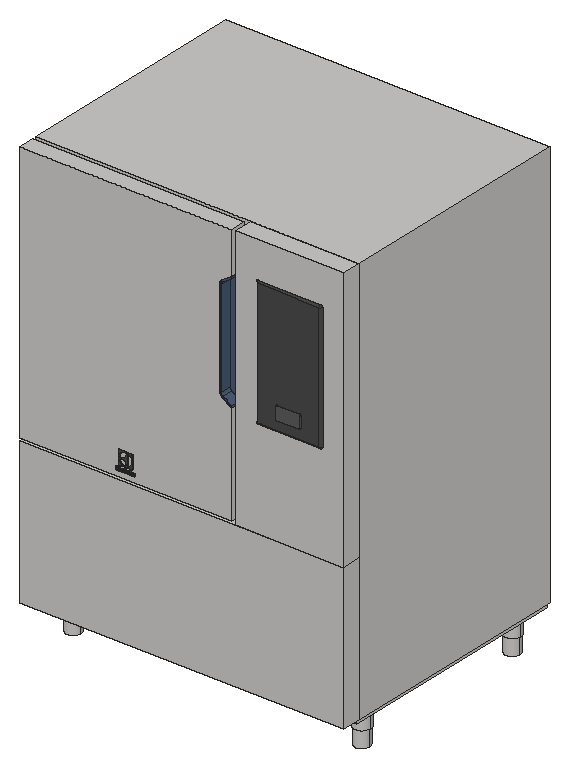
Revit family "QF_ELECTROLUXPROFESSIONAL_727740_EBFA12E", category Specialty Equipment, Revit 2018
Family settings
  Round Connector Dimension = Use Diameter
  Part Type = Normal
  Work Plane-Based = No
  Always vertical = Yes
  Cut with Voids When Loaded = No
  Shared = No
  Room Calculation Point = No
Parameters
  Weight = 0.00 kg
  Watts = 0 W
  Volts = 380 V
  URL Manufacturer = "http://professional.electrolux.com"
  URL = "http://professional.electrolux.com"
  Steam Supply Size = 0 mm
  Steam Supply Minimum Pressure = 0.0 Pa
  Steam Supply Maximum Pressure = 0.0 Pa
  Steam Pounds per Hour = 0
  Show Logo [instance] = yes
  Show Clearance [instance] = yes
  Refrigeration Suction Line Size = 0 mm
  Refrigeration Liquid Line Size = 0 mm
  Refrigerant Compressor Remote = yes
  Manufacturer = "Electrolux"
  Phase = 3
  Model = "EBFA12E"
  Length Actual = 1250 mm  # constant formula
  Item Number = "727740"
  Hot Water Size = 0 mm
  Height Actual = 1730 mm  # constant formula
  HP = "7.4 HP"
  Gas Size = 0 mm
  Gas KW = 0
  Gas Input Pressure = 0 W
  Direct Waste Size = 139.7 mm
  Description = "SKYLINE CHILLS BLAST CHILLER FREEZER 100/70KG 10 GN 2/1"
  Depth Actual = 1092 mm  # constant formula
  Cycle = 50 Hz
  Condensate Return Size = 0 mm
  Compressed Air Volume = 0.0 L/s
  Compressed Air Size = 0 mm
  Compressed Air Pressure = 0.0 Pa
  Cold Water Size = 0 mm
  Accessory = yes
Reference planes
  plane 1 "Center X": y = 205.851
  plane 2: z = 0
  plane 3 "Center Y": x = -311.5
  plane 4 "BACK": y = 703.851
  plane 5 "FRONT": y = -292.149
  plane 6: z = 130
  plane 7 "TOP": z = 1730
  plane 8: y = 608.851
  plane 9: y = 795.851
  plane 10: y = -1071.149
  plane 11 "RIGHT": x = 313.5
  plane 12 "LEFT": x = -936.5
  plane 13: x = -869.5
  plane 14: x = 246.5
  plane 15: y = -118.149
Forms (mm)
  Extrusion 1, solid, material "QF_Finishes_Stainless Steel"
    sketch origin (0, 0, 1730) x (-1, 0, 0) y (0, -1, 0)
      loop
        line (936.5, -703.851) -> (936.5, 216.149) -> (-313.5, 216.149) -> (-313.5, -703.851) -> (936.5, -703.851)
    from 0 to -1580
  Extrusion 2, solid, material "QF_Finishes_Stainless Steel"
    sketch origin (-645.92, -0.954, 258.709) x (0, 1, 0) y (0, 0, 1)
      loop
        line (704.805, 694.306) -> (704.805, 392.314) -> (789.5, 399.789)
        arc (789.5, 399.789) -> (794.702, 402.354) -> (796.805, 407.759) r 8
        line (796.805, 407.759) -> (796.805, 433.233)
        arc (796.805, 433.233) -> (792.783, 442.547) -> (796.805, 451.86) r 12.795
        line (796.805, 451.86) -> (796.805, 483.24)
        arc (796.805, 483.24) -> (792.783, 492.554) -> (796.805, 501.867) r 12.795
        line (796.805, 501.867) -> (796.805, 533.247)
        arc (796.805, 533.247) -> (792.783, 542.56) -> (796.805, 551.874) r 12.795
        line (796.805, 551.874) -> (796.805, 583.254)
        arc (796.805, 583.254) -> (792.783, 592.567) -> (796.805, 601.881) r 12.795
        line (796.805, 601.881) -> (796.805, 634.796)
        arc (796.805, 634.796) -> (795.466, 639.795) -> (791.808, 643.455) r 10
        line (791.808, 643.455) -> (704.805, 694.306)
    from 618.187 to 801.865
  Extrusion 3, solid, material "QF_Finishes_Stainless Steel"
    sketch origin (-261.647, 703.851, 2065) x (1, 0, 0) y (0, 0, -1)
      loop
        circle (482.147, 1472) r 10.5
    from 0 to 29
  Extrusion 4, solid, material "QF_Finishes_Stainless Steel"
    sketch origin (-1206.916, -1524, 130) x (-1, 0, 0) y (0, -1, 0)
      loop
        line (-270.416, -1231.851) -> (-1520.416, -1231.851) -> (-1520.416, -1306.851) -> (-270.416, -1306.851) -> (-270.416, -1231.851)
    from 580 to 20.02
  Extrusion 5, solid, material "QF_Finishes_Stainless Steel"
    sketch origin (-1206.916, -1524, 130) x (-1, 0, 0) y (0, -1, 0)
      loop
        line (-279.416, -2227.851) -> (-279.416, -1309.851) -> (-1511.416, -1309.851) -> (-1511.416, -2227.851) -> (-279.416, -2227.851)
    from 20 to 0
  Extrusion 6, solid, material "QF_Finishes_Stainless Steel"
    sketch origin (-1206.916, -1524, 130) x (0, -1, 0) y (-1, 0, 0)
      loop
        circle (-1739.851, -840.416) r 9.5
    from 0 to 31.68
  Extrusion 7, void
    sketch origin (114.08, 0, 1730) x (-1, 0, 0) y (0, -1, 0)
      loop
        line (132.09, -795.851) -> (141.813, -795.851) -> (141.813, -703.851) -> (140.183, -703.851) -> (132.09, -795.851)
      loop
        line (-40.234, -703.851) -> (-41.865, -703.851) -> (-41.865, -795.851) -> (-32.141, -795.851) -> (-40.234, -703.851)
    from -1080 to -770
  Extrusion 8, solid, material "QF_Finishes_Stainless Steel"
    sketch origin (-623, -292.149, 0) x (1, 0, 0) y (0, 0, -1)
      loop
        line (504.7, -1730) -> (504.7, -1567.97) -> (468.447, -1543.888)
        arc (468.447, -1543.888) -> (462.216, -1537.041) -> (459.96, -1528.062) r 19
        line (459.96, -1528.062) -> (459.96, -1153.149)
        arc (459.96, -1153.149) -> (462.339, -1143.688) -> (468.91, -1136.479) r 20
        line (468.91, -1136.479) -> (504.7, -1112.756) -> (504.7, -719.524) -> (-313.5, -719.524) -> (-313.5, -1730) -> (504.7, -1730)
    from 0 to 60
  Extrusion 9, solid, material "QF_Finishes_Stainless Steel"
    sketch origin (-445.5, 0, 1060.038) x (1, 0, 0) y (0, 1, 0)
      loop
        line (759, -292.149) -> (759, -217.149) -> (342, -217.149) -> (342, -292.149) -> (759, -292.149)
    from 669.962 to -349
  Extrusion 10, solid, material "QF_Door-Drawer Clearances", visible <- "Show Clearance", detail levels coarse
    sketch origin (-623, 0, 1060.038) x (1, 0, 0) y (0, 1, 0)
      loop
        line (-260.5, -292.149) -> (-260.5, -1068.649)
        arc (-260.5, -1068.649) -> (276.158, -832.215) -> (504.7, -292.149) r 795
        line (504.7, -292.149) -> (-260.5, -292.149)
    from -340.514 to 669.962
  Extrusion 11, solid, material "QF_Finishes_Stainless Steel"
    sketch origin (-569.5, -232.149, 600.072) x (1, 0, 0) y (0, 0, -1)
      loop
        line (406.46, -553.076) -> (406.46, -927.989)
        arc (406.46, -927.989) -> (408.716, -936.969) -> (414.947, -943.816) r 19
        line (414.947, -943.816) -> (451.2, -967.898) -> (451.2, -512.683) -> (415.41, -536.406)
        arc (415.41, -536.406) -> (408.839, -543.616) -> (406.46, -553.076) r 20
    from -21 to 0
  Extrusion 12, solid, material "QF_Finishes_Electrolux_Blue"
    sketch origin (-569.5, -292.149, 600.072) x (-1, 0, 0) y (0, 0, -1)
      loop
        line (-451.2, -967.898) -> (-414.947, -943.816)
        arc (-414.947, -943.816) -> (-408.716, -936.969) -> (-406.46, -927.989) r 19
        line (-406.46, -927.989) -> (-406.46, -553.076)
        arc (-406.46, -553.076) -> (-408.839, -543.616) -> (-415.41, -536.406) r 20
        line (-415.41, -536.406) -> (-451.2, -512.683) -> (-453.7, -512.683) -> (-453.7, -518.824) -> (-419.001, -541.824)
        arc (-419.001, -541.824) -> (-414.566, -546.691) -> (-412.96, -553.076) r 13.5
        line (-412.96, -553.076) -> (-412.96, -927.989)
        arc (-412.96, -927.989) -> (-414.444, -933.897) -> (-418.543, -938.401) r 12.5
        line (-418.543, -938.401) -> (-453.7, -961.755) -> (-453.7, -967.898) -> (-451.2, -967.898)
    from -39 to 1
  Extrusion 13, void
    sketch origin (136, -219.149, 1731) x (1, 0, 0) y (0, 0, -1)
      loop
        line (-387.5, 75) -> (-387.5, 977) -> (-998.5, 977) -> (-998.5, 75) -> (-387.5, 75)
    from 0 to 705
  Extrusion 14, solid, material "QF_Door-Drawer Clearances", visible <- "Show Clearance", detail levels coarse
    sketch origin (-943.5, -326.949, 0) x (0, -1, 0) y (0, 0, -1)
      loop
        line (741.7, -1730) -> (741.7, -1567.97) -> (705.447, -1543.888)
        arc (705.447, -1543.888) -> (699.216, -1537.041) -> (696.96, -1528.062) r 19
        line (696.96, -1528.062) -> (696.96, -1153.149)
        arc (696.96, -1153.149) -> (699.339, -1143.688) -> (705.91, -1136.479) r 20
        line (705.91, -1136.479) -> (741.7, -1112.756) -> (741.7, -719.524) -> (-34.8, -719.524) -> (-34.8, -1730) -> (741.7, -1730)
    from 0 to 60
  Extrusion 15, solid, material "QF_Door-Drawer Clearances", visible <- "Show Clearance", detail levels coarse
    sketch origin (-883.5, -380.449, 600.072) x (0, -1, 0) y (0, 0, -1)
      loop
        line (643.46, -553.076) -> (643.46, -927.989)
        arc (643.46, -927.989) -> (645.716, -936.969) -> (651.947, -943.816) r 19
        line (651.947, -943.816) -> (688.2, -967.898) -> (688.2, -512.683) -> (652.41, -536.406)
        arc (652.41, -536.406) -> (645.839, -543.616) -> (643.46, -553.076) r 20
    from -21 to 0
  Extrusion 16, solid, material "QF_Door-Drawer Clearances", visible <- "Show Clearance", detail levels coarse
    sketch origin (-943.5, -380.449, 600.072) x (0, 1, 0) y (0, 0, -1)
      loop
        line (-688.2, -967.898) -> (-651.947, -943.816)
        arc (-651.947, -943.816) -> (-645.716, -936.969) -> (-643.46, -927.989) r 19
        line (-643.46, -927.989) -> (-643.46, -553.076)
        arc (-643.46, -553.076) -> (-645.839, -543.616) -> (-652.41, -536.406) r 20
        line (-652.41, -536.406) -> (-688.2, -512.683) -> (-690.7, -512.683) -> (-690.7, -518.824) -> (-656.001, -541.824)
        arc (-656.001, -541.824) -> (-651.566, -546.691) -> (-649.96, -553.076) r 13.5
        line (-649.96, -553.076) -> (-649.96, -927.989)
        arc (-649.96, -927.989) -> (-651.444, -933.897) -> (-655.543, -938.401) r 12.5
        line (-655.543, -938.401) -> (-690.7, -961.755) -> (-690.7, -967.898) -> (-688.2, -967.898)
    from -39 to 1
Cuts and joins
  Extrusion 13 cuts Extrusion 1
  Extrusion 7, Extrusion 13 cuts Extrusion 2
  Extrusion 13 cuts Extrusion 3
  Extrusion 13 cuts Extrusion 5
  Extrusion 13 cuts Extrusion 6
  joined: Extrusion 1, Extrusion 2, Extrusion 3, Extrusion 5, Extrusion 6
  joined: Extrusion 10, Extrusion 14, Extrusion 15, Extrusion 16
Lines and regions (mm)
  Split face 1
    outline origin (775.107, -292.149, -365.12) x (-1, 0, 0) y (0, 0, -1)
      loop
        line (491.638, -548.639) -> (601.654, -548.639) -> (601.654, -543.665) -> (491.638, -543.665) -> (491.638, -548.639)
  Split face 2
    outline origin (775.107, -292.149, -355.62) x (-1, 0, 0) y (0, 0, -1)
      loop
        line (491.638, -548.639) -> (601.654, -548.639) -> (601.654, -543.665) -> (491.638, -543.665) -> (491.638, -548.639)
  Split face 3
    outline origin (775.107, -292.149, -346.12) x (-1, 0, 0) y (0, 0, -1)
      loop
        line (491.638, -548.639) -> (601.654, -548.639) -> (601.654, -543.665) -> (491.638, -543.665) -> (491.638, -548.639)
  Split face 4
    outline origin (775.107, -292.149, -336.62) x (-1, 0, 0) y (0, 0, -1)
      loop
        line (491.638, -548.639) -> (601.654, -548.639) -> (601.654, -543.665) -> (491.638, -543.665) -> (491.638, -548.639)
  Split face 5
    outline origin (775.107, -292.149, -327.12) x (-1, 0, 0) y (0, 0, -1)
      loop
        line (491.638, -548.639) -> (601.654, -548.639) -> (601.654, -543.665) -> (491.638, -543.665) -> (491.638, -548.639)
  Split face 6
    outline origin (775.107, -292.149, -317.619) x (-1, 0, 0) y (0, 0, -1)
      loop
        line (491.638, -548.639) -> (601.654, -548.639) -> (601.654, -543.665) -> (491.638, -543.665) -> (491.638, -548.639)
  Split face 7
    outline origin (775.107, -292.149, -308.119) x (-1, 0, 0) y (0, 0, -1)
      loop
        line (491.638, -548.639) -> (601.654, -548.639) -> (601.654, -543.665) -> (491.638, -543.665) -> (491.638, -548.639)
  Split face 8
    outline origin (775.107, -292.149, -298.619) x (-1, 0, 0) y (0, 0, -1)
      loop
        line (491.638, -548.639) -> (601.654, -548.639) -> (601.654, -543.665) -> (491.638, -543.665) -> (491.638, -548.639)
  Split face 9
    outline origin (775.107, -292.149, -289.119) x (-1, 0, 0) y (0, 0, -1)
      loop
        line (491.638, -548.639) -> (601.654, -548.639) -> (601.654, -543.665) -> (491.638, -543.665) -> (491.638, -548.639)
  Split face 10
    outline origin (775.107, -292.149, -279.619) x (-1, 0, 0) y (0, 0, -1)
      loop
        line (491.638, -548.639) -> (601.654, -548.639) -> (601.654, -543.665) -> (491.638, -543.665) -> (491.638, -548.639)
  Split face 11
    outline origin (775.107, -292.149, -270.119) x (-1, 0, 0) y (0, 0, -1)
      loop
        line (491.638, -548.639) -> (601.654, -548.639) -> (601.654, -543.665) -> (491.638, -543.665) -> (491.638, -548.639)
  Split face 12
    outline origin (775.107, -292.149, -260.619) x (-1, 0, 0) y (0, 0, -1)
      loop
        line (491.638, -548.639) -> (601.654, -548.639) -> (601.654, -543.665) -> (491.638, -543.665) -> (491.638, -548.639)
  Split face 13
    outline origin (775.107, -292.149, -251.119) x (-1, 0, 0) y (0, 0, -1)
      loop
        line (491.638, -548.639) -> (601.654, -548.639) -> (601.654, -543.665) -> (491.638, -543.665) -> (491.638, -548.639)
  Split face 14
    outline origin (775.107, -292.149, -241.619) x (-1, 0, 0) y (0, 0, -1)
      loop
        line (491.638, -548.639) -> (601.654, -548.639) -> (601.654, -543.665) -> (491.638, -543.665) -> (491.638, -548.639)
  Split face 15
    outline origin (775.107, -292.149, -232.119) x (-1, 0, 0) y (0, 0, -1)
      loop
        line (491.638, -548.639) -> (601.654, -548.639) -> (601.654, -543.665) -> (491.638, -543.665) -> (491.638, -548.639)
  Split face 16
    outline origin (775.107, -292.149, -222.619) x (-1, 0, 0) y (0, 0, -1)
      loop
        line (491.638, -548.639) -> (601.654, -548.639) -> (601.654, -543.665) -> (491.638, -543.665) -> (491.638, -548.639)
  Split face 17
    outline origin (775.107, -292.149, -213.119) x (-1, 0, 0) y (0, 0, -1)
      loop
        line (491.638, -548.639) -> (601.654, -548.639) -> (601.654, -543.665) -> (491.638, -543.665) -> (491.638, -548.639)
  Split face 18
    outline origin (775.107, -292.149, -203.619) x (-1, 0, 0) y (0, 0, -1)
      loop
        line (491.638, -548.639) -> (601.654, -548.639) -> (601.654, -543.665) -> (491.638, -543.665) -> (491.638, -548.639)
  Split face 19
    outline origin (775.107, -292.149, -194.118) x (-1, 0, 0) y (0, 0, -1)
      loop
        line (491.638, -548.639) -> (601.654, -548.639) -> (601.654, -543.665) -> (491.638, -543.665) -> (491.638, -548.639)
  Split face 20
    outline origin (775.107, -292.149, -184.618) x (-1, 0, 0) y (0, 0, -1)
      loop
        line (491.638, -548.639) -> (601.654, -548.639) -> (601.654, -543.665) -> (491.638, -543.665) -> (491.638, -548.639)
  Split face 21
    outline origin (775.107, -292.149, -175.118) x (-1, 0, 0) y (0, 0, -1)
      loop
        line (491.638, -548.639) -> (601.654, -548.639) -> (601.654, -543.665) -> (491.638, -543.665) -> (491.638, -548.639)
  Split face 22
    outline origin (775.107, -292.149, -165.618) x (-1, 0, 0) y (0, 0, -1)
      loop
        line (491.638, -548.639) -> (601.654, -548.639) -> (601.654, -543.665) -> (491.638, -543.665) -> (491.638, -548.639)
  Split face 23
    outline origin (775.107, -292.149, -156.118) x (-1, 0, 0) y (0, 0, -1)
      loop
        line (491.638, -548.639) -> (601.654, -548.639) -> (601.654, -543.665) -> (491.638, -543.665) -> (491.638, -548.639)
  Split face 24
    outline origin (775.107, -292.149, -146.618) x (-1, 0, 0) y (0, 0, -1)
      loop
        line (491.638, -548.639) -> (601.654, -548.639) -> (601.654, -543.665) -> (491.638, -543.665) -> (491.638, -548.639)
  Split face 25
    outline origin (775.107, -292.149, -137.118) x (-1, 0, 0) y (0, 0, -1)
      loop
        line (491.638, -548.639) -> (601.654, -548.639) -> (601.654, -543.665) -> (491.638, -543.665) -> (491.638, -548.639)
  Split face 26
    outline origin (775.107, -292.149, -127.618) x (-1, 0, 0) y (0, 0, -1)
      loop
        line (491.638, -548.639) -> (601.654, -548.639) -> (601.654, -543.665) -> (491.638, -543.665) -> (491.638, -548.639)
  Split face 27
    outline origin (775.107, -292.149, -118.118) x (-1, 0, 0) y (0, 0, -1)
      loop
        line (491.638, -548.639) -> (601.654, -548.639) -> (601.654, -543.665) -> (491.638, -543.665) -> (491.638, -548.639)
  Split face 28
    outline origin (775.107, -292.149, -108.618) x (-1, 0, 0) y (0, 0, -1)
      loop
        line (491.638, -548.639) -> (601.654, -548.639) -> (601.654, -543.665) -> (491.638, -543.665) -> (491.638, -548.639)
  Split face 29
    outline origin (775.107, -292.149, -99.118) x (-1, 0, 0) y (0, 0, -1)
      loop
        line (491.638, -548.639) -> (601.654, -548.639) -> (601.654, -543.665) -> (491.638, -543.665) -> (491.638, -548.639)
  Split face 30
    outline origin (775.107, -292.149, -89.618) x (-1, 0, 0) y (0, 0, -1)
      loop
        line (491.638, -548.639) -> (601.654, -548.639) -> (601.654, -543.665) -> (491.638, -543.665) -> (491.638, -548.639)
  Split face 31
    outline origin (775.107, -292.149, -80.117) x (-1, 0, 0) y (0, 0, -1)
      loop
        line (491.638, -548.639) -> (601.654, -548.639) -> (601.654, -543.665) -> (491.638, -543.665) -> (491.638, -548.639)
  Split face 32
    outline origin (775.107, -292.149, -70.617) x (-1, 0, 0) y (0, 0, -1)
      loop
        line (491.638, -548.639) -> (601.654, -548.639) -> (601.654, -543.665) -> (491.638, -543.665) -> (491.638, -548.639)
  Split face 33
    outline origin (775.107, -292.149, -61.117) x (-1, 0, 0) y (0, 0, -1)
      loop
        line (491.638, -548.639) -> (601.654, -548.639) -> (601.654, -543.665) -> (491.638, -543.665) -> (491.638, -548.639)
  Split face 34
    outline origin (775.107, -292.149, -51.617) x (-1, 0, 0) y (0, 0, -1)
      loop
        line (491.638, -548.639) -> (601.654, -548.639) -> (601.654, -543.665) -> (491.638, -543.665) -> (491.638, -548.639)
  Split face 35
    outline origin (775.107, -292.149, -42.117) x (-1, 0, 0) y (0, 0, -1)
      loop
        line (491.638, -548.639) -> (601.654, -548.639) -> (601.654, -543.665) -> (491.638, -543.665) -> (491.638, -548.639)
  Split face 36
    outline origin (775.107, -292.149, -32.617) x (-1, 0, 0) y (0, 0, -1)
      loop
        line (491.638, -548.639) -> (601.654, -548.639) -> (601.654, -543.665) -> (491.638, -543.665) -> (491.638, -548.639)
  Split face 37
    outline origin (775.107, -292.149, -23.117) x (-1, 0, 0) y (0, 0, -1)
      loop
        line (491.638, -548.639) -> (601.654, -548.639) -> (601.654, -543.665) -> (491.638, -543.665) -> (491.638, -548.639)
  Split face 38
    outline origin (775.107, -292.149, -13.617) x (-1, 0, 0) y (0, 0, -1)
      loop
        line (491.638, -548.639) -> (601.654, -548.639) -> (601.654, -543.665) -> (491.638, -543.665) -> (491.638, -548.639)
  Split face 39
    outline origin (775.107, -292.149, -4.117) x (-1, 0, 0) y (0, 0, -1)
      loop
        line (491.638, -548.639) -> (601.654, -548.639) -> (601.654, -543.665) -> (491.638, -543.665) -> (491.638, -548.639)
  Split face 40
    outline origin (775.107, -292.149, 5.383) x (-1, 0, 0) y (0, 0, -1)
      loop
        line (491.638, -548.639) -> (601.654, -548.639) -> (601.654, -543.665) -> (491.638, -543.665) -> (491.638, -548.639)
  Split face 41
    outline origin (775.107, -292.149, 14.883) x (-1, 0, 0) y (0, 0, -1)
      loop
        line (491.638, -548.639) -> (601.654, -548.639) -> (601.654, -543.665) -> (491.638, -543.665) -> (491.638, -548.639)
  Split face 42
    outline origin (655.115, -292.149, -365.12) x (-1, 0, 0) y (0, 0, -1)
      loop
        line (491.638, -548.639) -> (601.654, -548.639) -> (601.654, -543.665) -> (491.638, -543.665) -> (491.638, -548.639)
  Split face 43
    outline origin (655.115, -292.149, -355.62) x (-1, 0, 0) y (0, 0, -1)
      loop
        line (491.638, -548.639) -> (601.654, -548.639) -> (601.654, -543.665) -> (491.638, -543.665) -> (491.638, -548.639)
  Split face 44
    outline origin (655.115, -292.149, -346.12) x (-1, 0, 0) y (0, 0, -1)
      loop
        line (491.638, -548.639) -> (601.654, -548.639) -> (601.654, -543.665) -> (491.638, -543.665) -> (491.638, -548.639)
  Split face 45
    outline origin (655.115, -292.149, -336.62) x (-1, 0, 0) y (0, 0, -1)
      loop
        line (491.638, -548.639) -> (601.654, -548.639) -> (601.654, -543.665) -> (491.638, -543.665) -> (491.638, -548.639)
  Split face 46
    outline origin (655.115, -292.149, -327.12) x (-1, 0, 0) y (0, 0, -1)
      loop
        line (491.638, -548.639) -> (601.654, -548.639) -> (601.654, -543.665) -> (491.638, -543.665) -> (491.638, -548.639)
  Split face 47
    outline origin (655.115, -292.149, -317.619) x (-1, 0, 0) y (0, 0, -1)
      loop
        line (491.638, -548.639) -> (601.654, -548.639) -> (601.654, -543.665) -> (491.638, -543.665) -> (491.638, -548.639)
  Split face 48
    outline origin (655.115, -292.149, -308.119) x (-1, 0, 0) y (0, 0, -1)
      loop
        line (491.638, -548.639) -> (601.654, -548.639) -> (601.654, -543.665) -> (491.638, -543.665) -> (491.638, -548.639)
  Split face 49
    outline origin (655.115, -292.149, -298.619) x (-1, 0, 0) y (0, 0, -1)
      loop
        line (491.638, -548.639) -> (601.654, -548.639) -> (601.654, -543.665) -> (491.638, -543.665) -> (491.638, -548.639)
  Split face 50
    outline origin (655.115, -292.149, -289.119) x (-1, 0, 0) y (0, 0, -1)
      loop
        line (491.638, -548.639) -> (601.654, -548.639) -> (601.654, -543.665) -> (491.638, -543.665) -> (491.638, -548.639)
  Split face 51
    outline origin (655.115, -292.149, -279.619) x (-1, 0, 0) y (0, 0, -1)
      loop
        line (491.638, -548.639) -> (601.654, -548.639) -> (601.654, -543.665) -> (491.638, -543.665) -> (491.638, -548.639)
  Split face 52
    outline origin (655.115, -292.149, -270.119) x (-1, 0, 0) y (0, 0, -1)
      loop
        line (491.638, -548.639) -> (601.654, -548.639) -> (601.654, -543.665) -> (491.638, -543.665) -> (491.638, -548.639)
  Split face 53
    outline origin (655.115, -292.149, -260.619) x (-1, 0, 0) y (0, 0, -1)
      loop
        line (491.638, -548.639) -> (601.654, -548.639) -> (601.654, -543.665) -> (491.638, -543.665) -> (491.638, -548.639)
  Split face 54
    outline origin (655.115, -292.149, -251.119) x (-1, 0, 0) y (0, 0, -1)
      loop
        line (491.638, -548.639) -> (601.654, -548.639) -> (601.654, -543.665) -> (491.638, -543.665) -> (491.638, -548.639)
  Split face 55
    outline origin (655.115, -292.149, -241.619) x (-1, 0, 0) y (0, 0, -1)
      loop
        line (491.638, -548.639) -> (601.654, -548.639) -> (601.654, -543.665) -> (491.638, -543.665) -> (491.638, -548.639)
  Split face 56
    outline origin (655.115, -292.149, -232.119) x (-1, 0, 0) y (0, 0, -1)
      loop
        line (491.638, -548.639) -> (601.654, -548.639) -> (601.654, -543.665) -> (491.638, -543.665) -> (491.638, -548.639)
  Split face 57
    outline origin (655.115, -292.149, -222.619) x (-1, 0, 0) y (0, 0, -1)
      loop
        line (491.638, -548.639) -> (601.654, -548.639) -> (601.654, -543.665) -> (491.638, -543.665) -> (491.638, -548.639)
  Split face 58
    outline origin (655.115, -292.149, -213.119) x (-1, 0, 0) y (0, 0, -1)
      loop
        line (491.638, -548.639) -> (601.654, -548.639) -> (601.654, -543.665) -> (491.638, -543.665) -> (491.638, -548.639)
  Split face 59
    outline origin (655.115, -292.149, -203.619) x (-1, 0, 0) y (0, 0, -1)
      loop
        line (491.638, -548.639) -> (601.654, -548.639) -> (601.654, -543.665) -> (491.638, -543.665) -> (491.638, -548.639)
  Split face 60
    outline origin (655.115, -292.149, -194.118) x (-1, 0, 0) y (0, 0, -1)
      loop
        line (491.638, -548.639) -> (601.654, -548.639) -> (601.654, -543.665) -> (491.638, -543.665) -> (491.638, -548.639)
  Split face 61
    outline origin (655.115, -292.149, -184.618) x (-1, 0, 0) y (0, 0, -1)
      loop
        line (491.638, -548.639) -> (601.654, -548.639) -> (601.654, -543.665) -> (491.638, -543.665) -> (491.638, -548.639)
  Split face 62
    outline origin (655.115, -292.149, -175.118) x (-1, 0, 0) y (0, 0, -1)
      loop
        line (491.638, -548.639) -> (601.654, -548.639) -> (601.654, -543.665) -> (491.638, -543.665) -> (491.638, -548.639)
  Split face 63
    outline origin (655.115, -292.149, -165.618) x (-1, 0, 0) y (0, 0, -1)
      loop
        line (491.638, -548.639) -> (601.654, -548.639) -> (601.654, -543.665) -> (491.638, -543.665) -> (491.638, -548.639)
  Split face 64
    outline origin (655.115, -292.149, -156.118) x (-1, 0, 0) y (0, 0, -1)
      loop
        line (491.638, -548.639) -> (601.654, -548.639) -> (601.654, -543.665) -> (491.638, -543.665) -> (491.638, -548.639)
  Split face 65
    outline origin (655.115, -292.149, -146.618) x (-1, 0, 0) y (0, 0, -1)
      loop
        line (491.638, -548.639) -> (601.654, -548.639) -> (601.654, -543.665) -> (491.638, -543.665) -> (491.638, -548.639)
  Split face 66
    outline origin (655.115, -292.149, -137.118) x (-1, 0, 0) y (0, 0, -1)
      loop
        line (491.638, -548.639) -> (601.654, -548.639) -> (601.654, -543.665) -> (491.638, -543.665) -> (491.638, -548.639)
  Split face 67
    outline origin (655.115, -292.149, -127.618) x (-1, 0, 0) y (0, 0, -1)
      loop
        line (491.638, -548.639) -> (601.654, -548.639) -> (601.654, -543.665) -> (491.638, -543.665) -> (491.638, -548.639)
  Split face 68
    outline origin (655.115, -292.149, -118.118) x (-1, 0, 0) y (0, 0, -1)
      loop
        line (491.638, -548.639) -> (601.654, -548.639) -> (601.654, -543.665) -> (491.638, -543.665) -> (491.638, -548.639)
  Split face 69
    outline origin (655.115, -292.149, -108.618) x (-1, 0, 0) y (0, 0, -1)
      loop
        line (491.638, -548.639) -> (601.654, -548.639) -> (601.654, -543.665) -> (491.638, -543.665) -> (491.638, -548.639)
  Split face 70
    outline origin (655.115, -292.149, -99.118) x (-1, 0, 0) y (0, 0, -1)
      loop
        line (491.638, -548.639) -> (601.654, -548.639) -> (601.654, -543.665) -> (491.638, -543.665) -> (491.638, -548.639)
  Split face 71
    outline origin (655.115, -292.149, -89.618) x (-1, 0, 0) y (0, 0, -1)
      loop
        line (491.638, -548.639) -> (601.654, -548.639) -> (601.654, -543.665) -> (491.638, -543.665) -> (491.638, -548.639)
  Split face 72
    outline origin (655.115, -292.149, -80.117) x (-1, 0, 0) y (0, 0, -1)
      loop
        line (491.638, -548.639) -> (601.654, -548.639) -> (601.654, -543.665) -> (491.638, -543.665) -> (491.638, -548.639)
  Split face 73
    outline origin (655.115, -292.149, -70.617) x (-1, 0, 0) y (0, 0, -1)
      loop
        line (491.638, -548.639) -> (601.654, -548.639) -> (601.654, -543.665) -> (491.638, -543.665) -> (491.638, -548.639)
  Split face 74
    outline origin (655.115, -292.149, -61.117) x (-1, 0, 0) y (0, 0, -1)
      loop
        line (491.638, -548.639) -> (601.654, -548.639) -> (601.654, -543.665) -> (491.638, -543.665) -> (491.638, -548.639)
  Split face 75
    outline origin (655.115, -292.149, -51.617) x (-1, 0, 0) y (0, 0, -1)
      loop
        line (491.638, -548.639) -> (601.654, -548.639) -> (601.654, -543.665) -> (491.638, -543.665) -> (491.638, -548.639)
  Split face 76
    outline origin (655.115, -292.149, -42.117) x (-1, 0, 0) y (0, 0, -1)
      loop
        line (491.638, -548.639) -> (601.654, -548.639) -> (601.654, -543.665) -> (491.638, -543.665) -> (491.638, -548.639)
  Split face 77
    outline origin (655.115, -292.149, -32.617) x (-1, 0, 0) y (0, 0, -1)
      loop
        line (491.638, -548.639) -> (601.654, -548.639) -> (601.654, -543.665) -> (491.638, -543.665) -> (491.638, -548.639)
  Split face 78
    outline origin (655.115, -292.149, -23.117) x (-1, 0, 0) y (0, 0, -1)
      loop
        line (491.638, -548.639) -> (601.654, -548.639) -> (601.654, -543.665) -> (491.638, -543.665) -> (491.638, -548.639)
  Split face 79
    outline origin (655.115, -292.149, -13.617) x (-1, 0, 0) y (0, 0, -1)
      loop
        line (491.638, -548.639) -> (601.654, -548.639) -> (601.654, -543.665) -> (491.638, -543.665) -> (491.638, -548.639)
  Split face 80
    outline origin (655.115, -292.149, -4.117) x (-1, 0, 0) y (0, 0, -1)
      loop
        line (491.638, -548.639) -> (601.654, -548.639) -> (601.654, -543.665) -> (491.638, -543.665) -> (491.638, -548.639)
  Split face 81
    outline origin (655.115, -292.149, 5.383) x (-1, 0, 0) y (0, 0, -1)
      loop
        line (491.638, -548.639) -> (601.654, -548.639) -> (601.654, -543.665) -> (491.638, -543.665) -> (491.638, -548.639)
  Split face 82
    outline origin (655.115, -292.149, 14.883) x (-1, 0, 0) y (0, 0, -1)
      loop
        line (491.638, -548.639) -> (601.654, -548.639) -> (601.654, -543.665) -> (491.638, -543.665) -> (491.638, -548.639)
  Split face 83
    outline origin (535.124, -292.149, -365.12) x (-1, 0, 0) y (0, 0, -1)
      loop
        line (491.638, -548.639) -> (601.654, -548.639) -> (601.654, -543.665) -> (491.638, -543.665) -> (491.638, -548.639)
  Split face 84
    outline origin (535.124, -292.149, -355.62) x (-1, 0, 0) y (0, 0, -1)
      loop
        line (491.638, -548.639) -> (601.654, -548.639) -> (601.654, -543.665) -> (491.638, -543.665) -> (491.638, -548.639)
  Split face 85
    outline origin (535.124, -292.149, -346.12) x (-1, 0, 0) y (0, 0, -1)
      loop
        line (491.638, -548.639) -> (601.654, -548.639) -> (601.654, -543.665) -> (491.638, -543.665) -> (491.638, -548.639)
  Split face 86
    outline origin (535.124, -292.149, -336.62) x (-1, 0, 0) y (0, 0, -1)
      loop
        line (491.638, -548.639) -> (601.654, -548.639) -> (601.654, -543.665) -> (491.638, -543.665) -> (491.638, -548.639)
  Split face 87
    outline origin (535.124, -292.149, -327.12) x (-1, 0, 0) y (0, 0, -1)
      loop
        line (491.638, -548.639) -> (601.654, -548.639) -> (601.654, -543.665) -> (491.638, -543.665) -> (491.638, -548.639)
  Split face 88
    outline origin (535.124, -292.149, -317.619) x (-1, 0, 0) y (0, 0, -1)
      loop
        line (491.638, -548.639) -> (601.654, -548.639) -> (601.654, -543.665) -> (491.638, -543.665) -> (491.638, -548.639)
  Split face 89
    outline origin (535.124, -292.149, -308.119) x (-1, 0, 0) y (0, 0, -1)
      loop
        line (491.638, -548.639) -> (601.654, -548.639) -> (601.654, -543.665) -> (491.638, -543.665) -> (491.638, -548.639)
  Split face 90
    outline origin (535.124, -292.149, -298.619) x (-1, 0, 0) y (0, 0, -1)
      loop
        line (491.638, -548.639) -> (601.654, -548.639) -> (601.654, -543.665) -> (491.638, -543.665) -> (491.638, -548.639)
  Split face 91
    outline origin (535.124, -292.149, -289.119) x (-1, 0, 0) y (0, 0, -1)
      loop
        line (491.638, -548.639) -> (601.654, -548.639) -> (601.654, -543.665) -> (491.638, -543.665) -> (491.638, -548.639)
  Split face 92
    outline origin (535.124, -292.149, -279.619) x (-1, 0, 0) y (0, 0, -1)
      loop
        line (491.638, -548.639) -> (601.654, -548.639) -> (601.654, -543.665) -> (491.638, -543.665) -> (491.638, -548.639)
  Split face 93
    outline origin (535.124, -292.149, -270.119) x (-1, 0, 0) y (0, 0, -1)
      loop
        line (491.638, -548.639) -> (601.654, -548.639) -> (601.654, -543.665) -> (491.638, -543.665) -> (491.638, -548.639)
  Split face 94
    outline origin (535.124, -292.149, -260.619) x (-1, 0, 0) y (0, 0, -1)
      loop
        line (491.638, -548.639) -> (601.654, -548.639) -> (601.654, -543.665) -> (491.638, -543.665) -> (491.638, -548.639)
  Split face 95
    outline origin (535.124, -292.149, -251.119) x (-1, 0, 0) y (0, 0, -1)
      loop
        line (491.638, -548.639) -> (601.654, -548.639) -> (601.654, -543.665) -> (491.638, -543.665) -> (491.638, -548.639)
  Split face 96
    outline origin (535.124, -292.149, -241.619) x (-1, 0, 0) y (0, 0, -1)
      loop
        line (491.638, -548.639) -> (601.654, -548.639) -> (601.654, -543.665) -> (491.638, -543.665) -> (491.638, -548.639)
  Split face 97
    outline origin (535.124, -292.149, -232.119) x (-1, 0, 0) y (0, 0, -1)
      loop
        line (491.638, -548.639) -> (601.654, -548.639) -> (601.654, -543.665) -> (491.638, -543.665) -> (491.638, -548.639)
  Split face 98
    outline origin (535.124, -292.149, -222.619) x (-1, 0, 0) y (0, 0, -1)
      loop
        line (491.638, -548.639) -> (601.654, -548.639) -> (601.654, -543.665) -> (491.638, -543.665) -> (491.638, -548.639)
  Split face 99
    outline origin (535.124, -292.149, -213.119) x (-1, 0, 0) y (0, 0, -1)
      loop
        line (491.638, -548.639) -> (601.654, -548.639) -> (601.654, -543.665) -> (491.638, -543.665) -> (491.638, -548.639)
  Split face 100
    outline origin (535.124, -292.149, -203.619) x (-1, 0, 0) y (0, 0, -1)
      loop
        line (491.638, -548.639) -> (601.654, -548.639) -> (601.654, -543.665) -> (491.638, -543.665) -> (491.638, -548.639)
  Split face 101
    outline origin (535.124, -292.149, -194.118) x (-1, 0, 0) y (0, 0, -1)
      loop
        line (491.638, -548.639) -> (601.654, -548.639) -> (601.654, -543.665) -> (491.638, -543.665) -> (491.638, -548.639)
  Split face 102
    outline origin (535.124, -292.149, -184.618) x (-1, 0, 0) y (0, 0, -1)
      loop
        line (491.638, -548.639) -> (601.654, -548.639) -> (601.654, -543.665) -> (491.638, -543.665) -> (491.638, -548.639)
  Split face 103
    outline origin (535.124, -292.149, -175.118) x (-1, 0, 0) y (0, 0, -1)
      loop
        line (491.638, -548.639) -> (601.654, -548.639) -> (601.654, -543.665) -> (491.638, -543.665) -> (491.638, -548.639)
  Split face 104
    outline origin (535.124, -292.149, -165.618) x (-1, 0, 0) y (0, 0, -1)
      loop
        line (491.638, -548.639) -> (601.654, -548.639) -> (601.654, -543.665) -> (491.638, -543.665) -> (491.638, -548.639)
  Split face 105
    outline origin (535.124, -292.149, -156.118) x (-1, 0, 0) y (0, 0, -1)
      loop
        line (491.638, -548.639) -> (601.654, -548.639) -> (601.654, -543.665) -> (491.638, -543.665) -> (491.638, -548.639)
  Split face 106
    outline origin (535.124, -292.149, -146.618) x (-1, 0, 0) y (0, 0, -1)
      loop
        line (491.638, -548.639) -> (601.654, -548.639) -> (601.654, -543.665) -> (491.638, -543.665) -> (491.638, -548.639)
  Split face 107
    outline origin (535.124, -292.149, -137.118) x (-1, 0, 0) y (0, 0, -1)
      loop
        line (491.638, -548.639) -> (601.654, -548.639) -> (601.654, -543.665) -> (491.638, -543.665) -> (491.638, -548.639)
  Split face 108
    outline origin (535.124, -292.149, -127.618) x (-1, 0, 0) y (0, 0, -1)
      loop
        line (491.638, -548.639) -> (601.654, -548.639) -> (601.654, -543.665) -> (491.638, -543.665) -> (491.638, -548.639)
  Split face 109
    outline origin (535.124, -292.149, -118.118) x (-1, 0, 0) y (0, 0, -1)
      loop
        line (491.638, -548.639) -> (601.654, -548.639) -> (601.654, -543.665) -> (491.638, -543.665) -> (491.638, -548.639)
  Split face 110
    outline origin (535.124, -292.149, -108.618) x (-1, 0, 0) y (0, 0, -1)
      loop
        line (491.638, -548.639) -> (601.654, -548.639) -> (601.654, -543.665) -> (491.638, -543.665) -> (491.638, -548.639)
  Split face 111
    outline origin (535.124, -292.149, -99.118) x (-1, 0, 0) y (0, 0, -1)
      loop
        line (491.638, -548.639) -> (601.654, -548.639) -> (601.654, -543.665) -> (491.638, -543.665) -> (491.638, -548.639)
  Split face 112
    outline origin (535.124, -292.149, -89.618) x (-1, 0, 0) y (0, 0, -1)
      loop
        line (491.638, -548.639) -> (601.654, -548.639) -> (601.654, -543.665) -> (491.638, -543.665) -> (491.638, -548.639)
  Split face 113
    outline origin (535.124, -292.149, -80.117) x (-1, 0, 0) y (0, 0, -1)
      loop
        line (491.638, -548.639) -> (601.654, -548.639) -> (601.654, -543.665) -> (491.638, -543.665) -> (491.638, -548.639)
  Split face 114
    outline origin (535.124, -292.149, -70.617) x (-1, 0, 0) y (0, 0, -1)
      loop
        line (491.638, -548.639) -> (601.654, -548.639) -> (601.654, -543.665) -> (491.638, -543.665) -> (491.638, -548.639)
  Split face 115
    outline origin (535.124, -292.149, -61.117) x (-1, 0, 0) y (0, 0, -1)
      loop
        line (491.638, -548.639) -> (601.654, -548.639) -> (601.654, -543.665) -> (491.638, -543.665) -> (491.638, -548.639)
  Split face 116
    outline origin (535.124, -292.149, -51.617) x (-1, 0, 0) y (0, 0, -1)
      loop
        line (491.638, -548.639) -> (601.654, -548.639) -> (601.654, -543.665) -> (491.638, -543.665) -> (491.638, -548.639)
  Split face 117
    outline origin (535.124, -292.149, -42.117) x (-1, 0, 0) y (0, 0, -1)
      loop
        line (491.638, -548.639) -> (601.654, -548.639) -> (601.654, -543.665) -> (491.638, -543.665) -> (491.638, -548.639)
  Split face 118
    outline origin (535.124, -292.149, -32.617) x (-1, 0, 0) y (0, 0, -1)
      loop
        line (491.638, -548.639) -> (601.654, -548.639) -> (601.654, -543.665) -> (491.638, -543.665) -> (491.638, -548.639)
  Split face 119
    outline origin (535.124, -292.149, -23.117) x (-1, 0, 0) y (0, 0, -1)
      loop
        line (491.638, -548.639) -> (601.654, -548.639) -> (601.654, -543.665) -> (491.638, -543.665) -> (491.638, -548.639)
  Split face 120
    outline origin (535.124, -292.149, -13.617) x (-1, 0, 0) y (0, 0, -1)
      loop
        line (491.638, -548.639) -> (601.654, -548.639) -> (601.654, -543.665) -> (491.638, -543.665) -> (491.638, -548.639)
  Split face 121
    outline origin (535.124, -292.149, -4.117) x (-1, 0, 0) y (0, 0, -1)
      loop
        line (491.638, -548.639) -> (601.654, -548.639) -> (601.654, -543.665) -> (491.638, -543.665) -> (491.638, -548.639)
  Split face 122
    outline origin (535.124, -292.149, 5.383) x (-1, 0, 0) y (0, 0, -1)
      loop
        line (491.638, -548.639) -> (601.654, -548.639) -> (601.654, -543.665) -> (491.638, -543.665) -> (491.638, -548.639)
  Split face 123
    outline origin (535.124, -292.149, 14.883) x (-1, 0, 0) y (0, 0, -1)
      loop
        line (491.638, -548.639) -> (601.654, -548.639) -> (601.654, -543.665) -> (491.638, -543.665) -> (491.638, -548.639)
  Split face 124
    outline origin (415.133, -292.149, -365.12) x (-1, 0, 0) y (0, 0, -1)
      loop
        line (491.638, -548.639) -> (601.654, -548.639) -> (601.654, -543.665) -> (491.638, -543.665) -> (491.638, -548.639)
  Split face 125
    outline origin (415.133, -292.149, -355.62) x (-1, 0, 0) y (0, 0, -1)
      loop
        line (491.638, -548.639) -> (601.654, -548.639) -> (601.654, -543.665) -> (491.638, -543.665) -> (491.638, -548.639)
  Split face 126
    outline origin (415.133, -292.149, -346.12) x (-1, 0, 0) y (0, 0, -1)
      loop
        line (491.638, -548.639) -> (601.654, -548.639) -> (601.654, -543.665) -> (491.638, -543.665) -> (491.638, -548.639)
  Split face 127
    outline origin (415.133, -292.149, -336.62) x (-1, 0, 0) y (0, 0, -1)
      loop
        line (491.638, -548.639) -> (601.654, -548.639) -> (601.654, -543.665) -> (491.638, -543.665) -> (491.638, -548.639)
  Split face 128
    outline origin (415.133, -292.149, -327.12) x (-1, 0, 0) y (0, 0, -1)
      loop
        line (491.638, -548.639) -> (601.654, -548.639) -> (601.654, -543.665) -> (491.638, -543.665) -> (491.638, -548.639)
  Split face 129
    outline origin (415.133, -292.149, -317.619) x (-1, 0, 0) y (0, 0, -1)
      loop
        line (491.638, -548.639) -> (601.654, -548.639) -> (601.654, -543.665) -> (491.638, -543.665) -> (491.638, -548.639)
  Split face 130
    outline origin (415.133, -292.149, -308.119) x (-1, 0, 0) y (0, 0, -1)
      loop
        line (491.638, -548.639) -> (601.654, -548.639) -> (601.654, -543.665) -> (491.638, -543.665) -> (491.638, -548.639)
  Split face 131
    outline origin (415.133, -292.149, -298.619) x (-1, 0, 0) y (0, 0, -1)
      loop
        line (491.638, -548.639) -> (601.654, -548.639) -> (601.654, -543.665) -> (491.638, -543.665) -> (491.638, -548.639)
  Split face 132
    outline origin (415.133, -292.149, -289.119) x (-1, 0, 0) y (0, 0, -1)
      loop
        line (491.638, -548.639) -> (601.654, -548.639) -> (601.654, -543.665) -> (491.638, -543.665) -> (491.638, -548.639)
  Split face 133
    outline origin (415.133, -292.149, -279.619) x (-1, 0, 0) y (0, 0, -1)
      loop
        line (491.638, -548.639) -> (601.654, -548.639) -> (601.654, -543.665) -> (491.638, -543.665) -> (491.638, -548.639)
  Split face 134
    outline origin (415.133, -292.149, -270.119) x (-1, 0, 0) y (0, 0, -1)
      loop
        line (491.638, -548.639) -> (601.654, -548.639) -> (601.654, -543.665) -> (491.638, -543.665) -> (491.638, -548.639)
  Split face 135
    outline origin (415.133, -292.149, -260.619) x (-1, 0, 0) y (0, 0, -1)
      loop
        line (491.638, -548.639) -> (601.654, -548.639) -> (601.654, -543.665) -> (491.638, -543.665) -> (491.638, -548.639)
  Split face 136
    outline origin (415.133, -292.149, -251.119) x (-1, 0, 0) y (0, 0, -1)
      loop
        line (491.638, -548.639) -> (601.654, -548.639) -> (601.654, -543.665) -> (491.638, -543.665) -> (491.638, -548.639)
  Split face 137
    outline origin (415.133, -292.149, -241.619) x (-1, 0, 0) y (0, 0, -1)
      loop
        line (491.638, -548.639) -> (601.654, -548.639) -> (601.654, -543.665) -> (491.638, -543.665) -> (491.638, -548.639)
  Split face 138
    outline origin (415.133, -292.149, -232.119) x (-1, 0, 0) y (0, 0, -1)
      loop
        line (491.638, -548.639) -> (601.654, -548.639) -> (601.654, -543.665) -> (491.638, -543.665) -> (491.638, -548.639)
  Split face 139
    outline origin (415.133, -292.149, -222.619) x (-1, 0, 0) y (0, 0, -1)
      loop
        line (491.638, -548.639) -> (601.654, -548.639) -> (601.654, -543.665) -> (491.638, -543.665) -> (491.638, -548.639)
  Split face 140
    outline origin (415.133, -292.149, -213.119) x (-1, 0, 0) y (0, 0, -1)
      loop
        line (491.638, -548.639) -> (601.654, -548.639) -> (601.654, -543.665) -> (491.638, -543.665) -> (491.638, -548.639)
  Split face 141
    outline origin (415.133, -292.149, -203.619) x (-1, 0, 0) y (0, 0, -1)
      loop
        line (491.638, -548.639) -> (601.654, -548.639) -> (601.654, -543.665) -> (491.638, -543.665) -> (491.638, -548.639)
  Split face 142
    outline origin (415.133, -292.149, -194.118) x (-1, 0, 0) y (0, 0, -1)
      loop
        line (491.638, -548.639) -> (601.654, -548.639) -> (601.654, -543.665) -> (491.638, -543.665) -> (491.638, -548.639)
  Split face 143
    outline origin (415.133, -292.149, -184.618) x (-1, 0, 0) y (0, 0, -1)
      loop
        line (491.638, -548.639) -> (601.654, -548.639) -> (601.654, -543.665) -> (491.638, -543.665) -> (491.638, -548.639)
  Split face 144
    outline origin (415.133, -292.149, -175.118) x (-1, 0, 0) y (0, 0, -1)
      loop
        line (491.638, -548.639) -> (601.654, -548.639) -> (601.654, -543.665) -> (491.638, -543.665) -> (491.638, -548.639)
  Split face 145
    outline origin (415.133, -292.149, -165.618) x (-1, 0, 0) y (0, 0, -1)
      loop
        line (491.638, -548.639) -> (601.654, -548.639) -> (601.654, -543.665) -> (491.638, -543.665) -> (491.638, -548.639)
  Split face 146
    outline origin (415.133, -292.149, -156.118) x (-1, 0, 0) y (0, 0, -1)
      loop
        line (491.638, -548.639) -> (601.654, -548.639) -> (601.654, -543.665) -> (491.638, -543.665) -> (491.638, -548.639)
  Split face 147
    outline origin (415.133, -292.149, -146.618) x (-1, 0, 0) y (0, 0, -1)
      loop
        line (491.638, -548.639) -> (601.654, -548.639) -> (601.654, -543.665) -> (491.638, -543.665) -> (491.638, -548.639)
  Split face 148
    outline origin (415.133, -292.149, -137.118) x (-1, 0, 0) y (0, 0, -1)
      loop
        line (491.638, -548.639) -> (601.654, -548.639) -> (601.654, -543.665) -> (491.638, -543.665) -> (491.638, -548.639)
  Split face 149
    outline origin (415.133, -292.149, -127.618) x (-1, 0, 0) y (0, 0, -1)
      loop
        line (491.638, -548.639) -> (601.654, -548.639) -> (601.654, -543.665) -> (491.638, -543.665) -> (491.638, -548.639)
  Split face 150
    outline origin (415.133, -292.149, -118.118) x (-1, 0, 0) y (0, 0, -1)
      loop
        line (491.638, -548.639) -> (601.654, -548.639) -> (601.654, -543.665) -> (491.638, -543.665) -> (491.638, -548.639)
  Split face 151
    outline origin (415.133, -292.149, -108.618) x (-1, 0, 0) y (0, 0, -1)
      loop
        line (491.638, -548.639) -> (601.654, -548.639) -> (601.654, -543.665) -> (491.638, -543.665) -> (491.638, -548.639)
  Split face 152
    outline origin (415.133, -292.149, -99.118) x (-1, 0, 0) y (0, 0, -1)
      loop
        line (491.638, -548.639) -> (601.654, -548.639) -> (601.654, -543.665) -> (491.638, -543.665) -> (491.638, -548.639)
  Split face 153
    outline origin (415.133, -292.149, -89.618) x (-1, 0, 0) y (0, 0, -1)
      loop
        line (491.638, -548.639) -> (601.654, -548.639) -> (601.654, -543.665) -> (491.638, -543.665) -> (491.638, -548.639)
  Split face 154
    outline origin (415.133, -292.149, -80.117) x (-1, 0, 0) y (0, 0, -1)
      loop
        line (491.638, -548.639) -> (601.654, -548.639) -> (601.654, -543.665) -> (491.638, -543.665) -> (491.638, -548.639)
  Split face 155
    outline origin (415.133, -292.149, -70.617) x (-1, 0, 0) y (0, 0, -1)
      loop
        line (491.638, -548.639) -> (601.654, -548.639) -> (601.654, -543.665) -> (491.638, -543.665) -> (491.638, -548.639)
  Split face 156
    outline origin (415.133, -292.149, -61.117) x (-1, 0, 0) y (0, 0, -1)
      loop
        line (491.638, -548.639) -> (601.654, -548.639) -> (601.654, -543.665) -> (491.638, -543.665) -> (491.638, -548.639)
  Split face 157
    outline origin (415.133, -292.149, -51.617) x (-1, 0, 0) y (0, 0, -1)
      loop
        line (491.638, -548.639) -> (601.654, -548.639) -> (601.654, -543.665) -> (491.638, -543.665) -> (491.638, -548.639)
  Split face 158
    outline origin (415.133, -292.149, -42.117) x (-1, 0, 0) y (0, 0, -1)
      loop
        line (491.638, -548.639) -> (601.654, -548.639) -> (601.654, -543.665) -> (491.638, -543.665) -> (491.638, -548.639)
  Split face 159
    outline origin (415.133, -292.149, -32.617) x (-1, 0, 0) y (0, 0, -1)
      loop
        line (491.638, -548.639) -> (601.654, -548.639) -> (601.654, -543.665) -> (491.638, -543.665) -> (491.638, -548.639)
  Split face 160
    outline origin (415.133, -292.149, -23.117) x (-1, 0, 0) y (0, 0, -1)
      loop
        line (491.638, -548.639) -> (601.654, -548.639) -> (601.654, -543.665) -> (491.638, -543.665) -> (491.638, -548.639)
  Split face 161
    outline origin (415.133, -292.149, -13.617) x (-1, 0, 0) y (0, 0, -1)
      loop
        line (491.638, -548.639) -> (601.654, -548.639) -> (601.654, -543.665) -> (491.638, -543.665) -> (491.638, -548.639)
  Split face 162
    outline origin (415.133, -292.149, -4.117) x (-1, 0, 0) y (0, 0, -1)
      loop
        line (491.638, -548.639) -> (601.654, -548.639) -> (601.654, -543.665) -> (491.638, -543.665) -> (491.638, -548.639)
  Split face 163
    outline origin (415.133, -292.149, 5.383) x (-1, 0, 0) y (0, 0, -1)
      loop
        line (491.638, -548.639) -> (601.654, -548.639) -> (601.654, -543.665) -> (491.638, -543.665) -> (491.638, -548.639)
  Split face 164
    outline origin (415.133, -292.149, 14.883) x (-1, 0, 0) y (0, 0, -1)
      loop
        line (491.638, -548.639) -> (601.654, -548.639) -> (601.654, -543.665) -> (491.638, -543.665) -> (491.638, -548.639)
  Split face 165
    outline origin (290.168, -292.149, -365.12) x (-1, 0, 0) y (0, 0, -1)
      loop
        line (846.638, -548.639) -> (956.654, -548.639) -> (956.654, -543.665) -> (846.638, -543.665) -> (846.638, -548.639)
  Split face 166
    outline origin (290.168, -292.149, -355.62) x (-1, 0, 0) y (0, 0, -1)
      loop
        line (846.638, -548.639) -> (956.654, -548.639) -> (956.654, -543.665) -> (846.638, -543.665) -> (846.638, -548.639)
  Split face 167
    outline origin (290.168, -292.149, -346.12) x (-1, 0, 0) y (0, 0, -1)
      loop
        line (846.638, -548.639) -> (956.654, -548.639) -> (956.654, -543.665) -> (846.638, -543.665) -> (846.638, -548.639)
  Split face 168
    outline origin (290.168, -292.149, -336.62) x (-1, 0, 0) y (0, 0, -1)
      loop
        line (846.638, -548.639) -> (956.654, -548.639) -> (956.654, -543.665) -> (846.638, -543.665) -> (846.638, -548.639)
  Split face 169
    outline origin (290.168, -292.149, -327.12) x (-1, 0, 0) y (0, 0, -1)
      loop
        line (846.638, -548.639) -> (956.654, -548.639) -> (956.654, -543.665) -> (846.638, -543.665) -> (846.638, -548.639)
  Split face 170
    outline origin (290.168, -292.149, -317.619) x (-1, 0, 0) y (0, 0, -1)
      loop
        line (846.638, -548.639) -> (956.654, -548.639) -> (956.654, -543.665) -> (846.638, -543.665) -> (846.638, -548.639)
  Split face 171
    outline origin (290.168, -292.149, -308.119) x (-1, 0, 0) y (0, 0, -1)
      loop
        line (846.638, -548.639) -> (956.654, -548.639) -> (956.654, -543.665) -> (846.638, -543.665) -> (846.638, -548.639)
  Split face 172
    outline origin (290.168, -292.149, -298.619) x (-1, 0, 0) y (0, 0, -1)
      loop
        line (846.638, -548.639) -> (956.654, -548.639) -> (956.654, -543.665) -> (846.638, -543.665) -> (846.638, -548.639)
  Split face 173
    outline origin (290.168, -292.149, -289.119) x (-1, 0, 0) y (0, 0, -1)
      loop
        line (846.638, -548.639) -> (956.654, -548.639) -> (956.654, -543.665) -> (846.638, -543.665) -> (846.638, -548.639)
  Split face 174
    outline origin (290.168, -292.149, -279.619) x (-1, 0, 0) y (0, 0, -1)
      loop
        line (846.638, -548.639) -> (956.654, -548.639) -> (956.654, -543.665) -> (846.638, -543.665) -> (846.638, -548.639)
  Split face 175
    outline origin (290.168, -292.149, -270.119) x (-1, 0, 0) y (0, 0, -1)
      loop
        line (846.638, -548.639) -> (956.654, -548.639) -> (956.654, -543.665) -> (846.638, -543.665) -> (846.638, -548.639)
  Split face 176
    outline origin (290.168, -292.149, -260.619) x (-1, 0, 0) y (0, 0, -1)
      loop
        line (846.638, -548.639) -> (956.654, -548.639) -> (956.654, -543.665) -> (846.638, -543.665) -> (846.638, -548.639)
  Split face 177
    outline origin (290.168, -292.149, -251.119) x (-1, 0, 0) y (0, 0, -1)
      loop
        line (846.638, -548.639) -> (956.654, -548.639) -> (956.654, -543.665) -> (846.638, -543.665) -> (846.638, -548.639)
  Split face 178
    outline origin (290.168, -292.149, -241.619) x (-1, 0, 0) y (0, 0, -1)
      loop
        line (846.638, -548.639) -> (956.654, -548.639) -> (956.654, -543.665) -> (846.638, -543.665) -> (846.638, -548.639)
  Split face 179
    outline origin (290.168, -292.149, -232.119) x (-1, 0, 0) y (0, 0, -1)
      loop
        line (846.638, -548.639) -> (956.654, -548.639) -> (956.654, -543.665) -> (846.638, -543.665) -> (846.638, -548.639)
  Split face 180
    outline origin (290.168, -292.149, -222.619) x (-1, 0, 0) y (0, 0, -1)
      loop
        line (846.638, -548.639) -> (956.654, -548.639) -> (956.654, -543.665) -> (846.638, -543.665) -> (846.638, -548.639)
  Split face 181
    outline origin (290.168, -292.149, -213.119) x (-1, 0, 0) y (0, 0, -1)
      loop
        line (846.638, -548.639) -> (956.654, -548.639) -> (956.654, -543.665) -> (846.638, -543.665) -> (846.638, -548.639)
  Split face 182
    outline origin (290.168, -292.149, -203.619) x (-1, 0, 0) y (0, 0, -1)
      loop
        line (846.638, -548.639) -> (956.654, -548.639) -> (956.654, -543.665) -> (846.638, -543.665) -> (846.638, -548.639)
  Split face 183
    outline origin (290.168, -292.149, -194.118) x (-1, 0, 0) y (0, 0, -1)
      loop
        line (846.638, -548.639) -> (956.654, -548.639) -> (956.654, -543.665) -> (846.638, -543.665) -> (846.638, -548.639)
  Split face 184
    outline origin (290.168, -292.149, -184.618) x (-1, 0, 0) y (0, 0, -1)
      loop
        line (846.638, -548.639) -> (956.654, -548.639) -> (956.654, -543.665) -> (846.638, -543.665) -> (846.638, -548.639)
  Split face 185
    outline origin (290.168, -292.149, -175.118) x (-1, 0, 0) y (0, 0, -1)
      loop
        line (846.638, -548.639) -> (956.654, -548.639) -> (956.654, -543.665) -> (846.638, -543.665) -> (846.638, -548.639)
  Split face 186
    outline origin (290.168, -292.149, -165.618) x (-1, 0, 0) y (0, 0, -1)
      loop
        line (846.638, -548.639) -> (956.654, -548.639) -> (956.654, -543.665) -> (846.638, -543.665) -> (846.638, -548.639)
  Split face 187
    outline origin (290.168, -292.149, -156.118) x (-1, 0, 0) y (0, 0, -1)
      loop
        line (846.638, -548.639) -> (956.654, -548.639) -> (956.654, -543.665) -> (846.638, -543.665) -> (846.638, -548.639)
  Split face 188
    outline origin (290.168, -292.149, -146.618) x (-1, 0, 0) y (0, 0, -1)
      loop
        line (846.638, -548.639) -> (956.654, -548.639) -> (956.654, -543.665) -> (846.638, -543.665) -> (846.638, -548.639)
  Split face 189
    outline origin (290.168, -292.149, -137.118) x (-1, 0, 0) y (0, 0, -1)
      loop
        line (846.638, -548.639) -> (956.654, -548.639) -> (956.654, -543.665) -> (846.638, -543.665) -> (846.638, -548.639)
  Split face 190
    outline origin (290.168, -292.149, -127.618) x (-1, 0, 0) y (0, 0, -1)
      loop
        line (846.638, -548.639) -> (956.654, -548.639) -> (956.654, -543.665) -> (846.638, -543.665) -> (846.638, -548.639)
  Split face 191
    outline origin (290.168, -292.149, -118.118) x (-1, 0, 0) y (0, 0, -1)
      loop
        line (846.638, -548.639) -> (956.654, -548.639) -> (956.654, -543.665) -> (846.638, -543.665) -> (846.638, -548.639)
  Split face 192
    outline origin (290.168, -292.149, -108.618) x (-1, 0, 0) y (0, 0, -1)
      loop
        line (846.638, -548.639) -> (956.654, -548.639) -> (956.654, -543.665) -> (846.638, -543.665) -> (846.638, -548.639)
  Split face 193
    outline origin (290.168, -292.149, -99.118) x (-1, 0, 0) y (0, 0, -1)
      loop
        line (846.638, -548.639) -> (956.654, -548.639) -> (956.654, -543.665) -> (846.638, -543.665) -> (846.638, -548.639)
  Split face 194
    outline origin (290.168, -292.149, -89.618) x (-1, 0, 0) y (0, 0, -1)
      loop
        line (846.638, -548.639) -> (956.654, -548.639) -> (956.654, -543.665) -> (846.638, -543.665) -> (846.638, -548.639)
  Split face 195
    outline origin (290.168, -292.149, -80.117) x (-1, 0, 0) y (0, 0, -1)
      loop
        line (846.638, -548.639) -> (956.654, -548.639) -> (956.654, -543.665) -> (846.638, -543.665) -> (846.638, -548.639)
  Split face 196
    outline origin (290.168, -292.149, -70.617) x (-1, 0, 0) y (0, 0, -1)
      loop
        line (846.638, -548.639) -> (956.654, -548.639) -> (956.654, -543.665) -> (846.638, -543.665) -> (846.638, -548.639)
  Split face 197
    outline origin (290.168, -292.149, -61.117) x (-1, 0, 0) y (0, 0, -1)
      loop
        line (846.638, -548.639) -> (956.654, -548.639) -> (956.654, -543.665) -> (846.638, -543.665) -> (846.638, -548.639)
  Split face 198
    outline origin (290.168, -292.149, -51.617) x (-1, 0, 0) y (0, 0, -1)
      loop
        line (846.638, -548.639) -> (956.654, -548.639) -> (956.654, -543.665) -> (846.638, -543.665) -> (846.638, -548.639)
  Split face 199
    outline origin (290.168, -292.149, -42.117) x (-1, 0, 0) y (0, 0, -1)
      loop
        line (846.638, -548.639) -> (956.654, -548.639) -> (956.654, -543.665) -> (846.638, -543.665) -> (846.638, -548.639)
  Split face 200
    outline origin (290.168, -292.149, -32.617) x (-1, 0, 0) y (0, 0, -1)
      loop
        line (846.638, -548.639) -> (956.654, -548.639) -> (956.654, -543.665) -> (846.638, -543.665) -> (846.638, -548.639)
  Split face 201
    outline origin (290.168, -292.149, -23.117) x (-1, 0, 0) y (0, 0, -1)
      loop
        line (846.638, -548.639) -> (956.654, -548.639) -> (956.654, -543.665) -> (846.638, -543.665) -> (846.638, -548.639)
  Split face 202
    outline origin (290.168, -292.149, -13.617) x (-1, 0, 0) y (0, 0, -1)
      loop
        line (846.638, -548.639) -> (956.654, -548.639) -> (956.654, -543.665) -> (846.638, -543.665) -> (846.638, -548.639)
  Split face 203
    outline origin (290.168, -292.149, -4.117) x (-1, 0, 0) y (0, 0, -1)
      loop
        line (846.638, -548.639) -> (956.654, -548.639) -> (956.654, -543.665) -> (846.638, -543.665) -> (846.638, -548.639)
  Split face 204
    outline origin (290.168, -292.149, 5.383) x (-1, 0, 0) y (0, 0, -1)
      loop
        line (846.638, -548.639) -> (956.654, -548.639) -> (956.654, -543.665) -> (846.638, -543.665) -> (846.638, -548.639)
  Split face 205
    outline origin (290.168, -292.149, 14.883) x (-1, 0, 0) y (0, 0, -1)
      loop
        line (846.638, -548.639) -> (956.654, -548.639) -> (956.654, -543.665) -> (846.638, -543.665) -> (846.638, -548.639)
  Split face 206
    outline origin (170.176, -292.149, -365.12) x (-1, 0, 0) y (0, 0, -1)
      loop
        line (846.638, -548.639) -> (956.654, -548.639) -> (956.654, -543.665) -> (846.638, -543.665) -> (846.638, -548.639)
  Split face 207
    outline origin (170.176, -292.149, -355.62) x (-1, 0, 0) y (0, 0, -1)
      loop
        line (846.638, -548.639) -> (956.654, -548.639) -> (956.654, -543.665) -> (846.638, -543.665) -> (846.638, -548.639)
  Split face 208
    outline origin (170.176, -292.149, -346.12) x (-1, 0, 0) y (0, 0, -1)
      loop
        line (846.638, -548.639) -> (956.654, -548.639) -> (956.654, -543.665) -> (846.638, -543.665) -> (846.638, -548.639)
  Split face 209
    outline origin (170.176, -292.149, -336.62) x (-1, 0, 0) y (0, 0, -1)
      loop
        line (846.638, -548.639) -> (956.654, -548.639) -> (956.654, -543.665) -> (846.638, -543.665) -> (846.638, -548.639)
  Split face 210
    outline origin (170.176, -292.149, -327.12) x (-1, 0, 0) y (0, 0, -1)
      loop
        line (846.638, -548.639) -> (956.654, -548.639) -> (956.654, -543.665) -> (846.638, -543.665) -> (846.638, -548.639)
  Split face 211
    outline origin (170.176, -292.149, -317.619) x (-1, 0, 0) y (0, 0, -1)
      loop
        line (846.638, -548.639) -> (956.654, -548.639) -> (956.654, -543.665) -> (846.638, -543.665) -> (846.638, -548.639)
  Split face 212
    outline origin (170.176, -292.149, -308.119) x (-1, 0, 0) y (0, 0, -1)
      loop
        line (846.638, -548.639) -> (956.654, -548.639) -> (956.654, -543.665) -> (846.638, -543.665) -> (846.638, -548.639)
  Split face 213
    outline origin (170.176, -292.149, -298.619) x (-1, 0, 0) y (0, 0, -1)
      loop
        line (846.638, -548.639) -> (956.654, -548.639) -> (956.654, -543.665) -> (846.638, -543.665) -> (846.638, -548.639)
  Split face 214
    outline origin (170.176, -292.149, -289.119) x (-1, 0, 0) y (0, 0, -1)
      loop
        line (846.638, -548.639) -> (956.654, -548.639) -> (956.654, -543.665) -> (846.638, -543.665) -> (846.638, -548.639)
  Split face 215
    outline origin (170.176, -292.149, -279.619) x (-1, 0, 0) y (0, 0, -1)
      loop
        line (846.638, -548.639) -> (956.654, -548.639) -> (956.654, -543.665) -> (846.638, -543.665) -> (846.638, -548.639)
  Split face 216
    outline origin (170.176, -292.149, -270.119) x (-1, 0, 0) y (0, 0, -1)
      loop
        line (846.638, -548.639) -> (956.654, -548.639) -> (956.654, -543.665) -> (846.638, -543.665) -> (846.638, -548.639)
  Split face 217
    outline origin (170.176, -292.149, -260.619) x (-1, 0, 0) y (0, 0, -1)
      loop
        line (846.638, -548.639) -> (956.654, -548.639) -> (956.654, -543.665) -> (846.638, -543.665) -> (846.638, -548.639)
  Split face 218
    outline origin (170.176, -292.149, -251.119) x (-1, 0, 0) y (0, 0, -1)
      loop
        line (846.638, -548.639) -> (956.654, -548.639) -> (956.654, -543.665) -> (846.638, -543.665) -> (846.638, -548.639)
  Split face 219
    outline origin (170.176, -292.149, -241.619) x (-1, 0, 0) y (0, 0, -1)
      loop
        line (846.638, -548.639) -> (956.654, -548.639) -> (956.654, -543.665) -> (846.638, -543.665) -> (846.638, -548.639)
  Split face 220
    outline origin (170.176, -292.149, -232.119) x (-1, 0, 0) y (0, 0, -1)
      loop
        line (846.638, -548.639) -> (956.654, -548.639) -> (956.654, -543.665) -> (846.638, -543.665) -> (846.638, -548.639)
